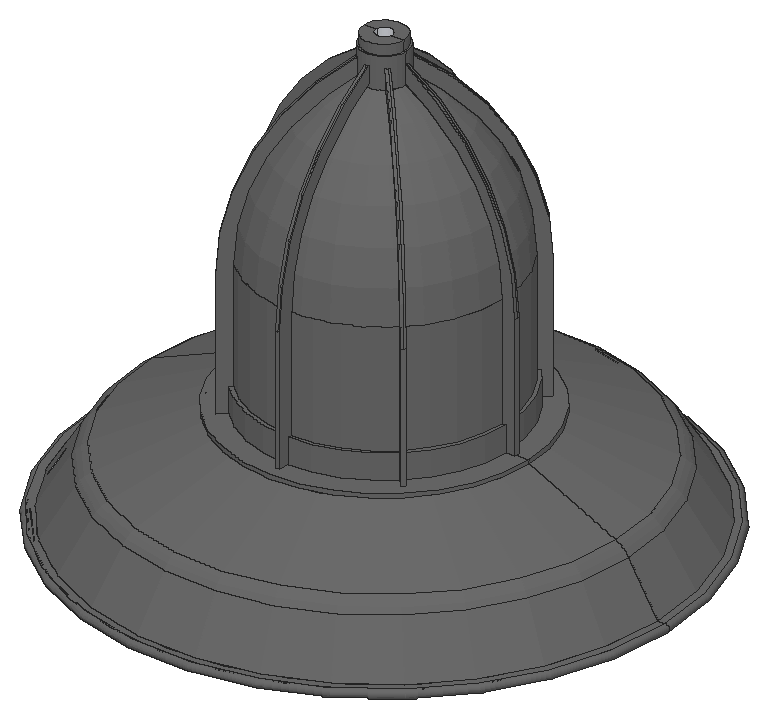
Revit family "URW18 SHADE", category Lighting Fixtures, Revit 2024
Family settings
  Round Connector Dimension = Use Diameter
  Part Type = Normal
  OmniClass Number = 23.80.70.00
  OmniClass Title = Lighting
  Work Plane-Based = No
  Always vertical = Yes
  Cut with Voids When Loaded = No
  Light Source = Yes
  Maintain Annotation Orientation = No
  Shared = No
  Room Calculation Point = No
Parameters
  Wattage = 12.1178 W
  built-in parameter 1150110 = 1 (stored number, unit not read)
  built-in parameter 1114217 = 1 (stored number, unit not read)
  built-in parameter 1150109 = 1 (stored number, unit not read)
  built-in parameter 1150134 = (empty or 0)
  built-in parameter 1150113 = 1 (stored number, unit not read)
  Lumens = 1800 lm
  built-in parameter 1150115 = 1 (stored number, unit not read)
  built-in parameter 1150105 = 572.96 (stored number, unit not read)
  Light Source Symbol Size = 2' - 0"
  built-in parameter 1150137 = (empty or 0)
  built-in parameter 1150139 = (empty or 0)
  built-in parameter 1150112 = 1 (stored number, unit not read)
  built-in parameter 1150114 = 1 (stored number, unit not read)
  built-in parameter 1150132 = 2
  built-in parameter 1150102 = (empty or 0)
  built-in parameter 1150138 = (empty or 0)
  built-in parameter 1150107 = 3000 (stored number, unit not read)
  built-in parameter 1150106 = 5.7296 (stored number, unit not read)
  built-in parameter 1150104 = 13.8 (stored number, unit not read)
  Dimming Lamp Color Temperature Shift = (empty or 0)
  Default Elevation = 0' - 0"
  Color Filter = 16777215
  built-in parameter 1114218 = 1 (stored number, unit not read)
  built-in parameter 1150133 = 10 (stored number, unit not read)
Reference planes (in)
  plane 1 "Light Source Axis (F/B)": y = 0
  plane 2: z = 0
  plane 3 "Light Source Axis (L/R)": x = 0
  plane 4 "Light Source Elevation": z = 54
Forms (in)
  Revolve 1, solid
    sketch origin (0, 0, 0) x (1, 0, 0) y (0, 0, 1)
      loop
        arc (-8.875, 54.25) -> (-8.95155, 54.02618) -> (-8.75397, 54.15625) r 0.125
        line (-8.75397, 54.15625) -> (-8.59663, 54.15625) -> (-7.65021, 55.66364)
        arc (-7.65021, 55.66364) -> (-7.49255, 55.85211) -> (-7.29006, 55.99129) r 0.90625
        arc (-7.29006, 55.99129) -> (-5.89948, 56.63312) -> (-4.46875, 57.17959) r 22.66977
        line (-4.46875, 57.17959) -> (-4.46875, 57.27764) -> (-3.7987, 57.27764) -> (-3.7987, 58.05264) -> (-3.6787, 58.05264) -> (-3.6787, 61.64639)
        arc (-3.6787, 61.64639) -> (-2.82417, 64.58968) -> (-0.5263, 66.61772) r 5.49609
        line (-0.5263, 66.61772) -> (-0.25, 66.61772) -> (-0.25, 67.88172) -> (-0.628, 67.88172) -> (-0.628, 67.58172) -> (-0.6925, 67.58172) -> (-0.6925, 66.64106)
        arc (-0.6925, 66.64106) -> (-2.94056, 64.58037) -> (-3.77245, 61.64639) r 5.58984
        line (-3.77245, 61.64639) -> (-3.77245, 58.14639) -> (-3.89245, 58.14639) -> (-3.89245, 57.37139) -> (-4.5625, 57.37139) -> (-4.5625, 57.24639)
        arc (-4.5625, 57.24639) -> (-5.96671, 56.7065) -> (-7.3322, 56.07504) r 22.76352
        arc (-7.3322, 56.07504) -> (-7.55564, 55.92145) -> (-7.72961, 55.71349) r 1
        line (-7.72961, 55.71349) -> (-8.64846, 54.25) -> (-8.875, 54.25)
      axis (0, 67.88172) -> (0, 54.15625)
    angle from 0 to 360
  Sweep 2, solid
    path origin (0, 0, 0) x (1, 0, 0) y (0, 0, 1)
      loop
        arc (-0.69245, 67.24639) -> (-3.2535, 64.7195) -> (-4.19245, 61.24639) r 6.89286
        line (-4.19245, 61.24639) -> (-4.19245, 57.37139)
    profile origin (-4.19245, 0, 59.30889) x (0, -1, 0) y (1, 0, 0)
      loop
        line (0, 0) -> (0.0625, 0) -> (0.0625, 0.42) -> (-0.0625, 0.42) -> (-0.0625, 0) -> (0, 0)
  Sweep 3, solid
    path origin (0, 0, 0) x (0.707107, -0.707107, 0) y (0, 0, 1)
      loop
        arc (-0.69245, 67.24639) -> (-3.2535, 64.7195) -> (-4.19245, 61.24639) r 6.89286
        line (-4.19245, 61.24639) -> (-4.19245, 57.37139)
    profile origin (-2.96451, 2.96451, 59.30889) x (-0.707107, -0.707107, 0) y (0.707107, -0.707107, 0)
      loop
        line (0, 0) -> (0.0625, 0) -> (0.0625, 0.42) -> (-0.0625, 0.42) -> (-0.0625, 0) -> (0, 0)
  Sweep 4, solid
    path origin (0, 0, 0) x (0.707107, 0.707107, 0) y (0, 0, 1)
      loop
        arc (-0.69245, 67.24639) -> (-3.2535, 64.7195) -> (-4.19245, 61.24639) r 6.89286
        line (-4.19245, 61.24639) -> (-4.19245, 57.37139)
    profile origin (-2.96451, -2.96451, 59.30889) x (0.707107, -0.707107, 0) y (0.707107, 0.707107, 0)
      loop
        line (0, 0) -> (0.0625, 0) -> (0.0625, 0.42) -> (-0.0625, 0.42) -> (-0.0625, 0) -> (0, 0)
  Sweep 5, solid
    path origin (0, 0, 0) x (0, 1, 0) y (0, 0, 1)
      loop
        arc (-0.69245, 67.24639) -> (-3.2535, 64.7195) -> (-4.19245, 61.24639) r 6.89286
        line (-4.19245, 61.24639) -> (-4.19245, 57.37139)
    profile origin (0, -4.19245, 59.30889) x (1, 0, 0) y (0, 1, 0)
      loop
        line (0, 0) -> (0.0625, 0) -> (0.0625, 0.42) -> (-0.0625, 0.42) -> (-0.0625, 0) -> (0, 0)
  Sweep 6, solid
    path origin (0, 0, 0) x (-0.707107, 0.707107, 0) y (0, 0, 1)
      loop
        arc (-0.69245, 67.24639) -> (-3.2535, 64.7195) -> (-4.19245, 61.24639) r 6.89286
        line (-4.19245, 61.24639) -> (-4.19245, 57.37139)
    profile origin (2.96451, -2.96451, 59.30889) x (0.707107, 0.707107, 0) y (-0.707107, 0.707107, 0)
      loop
        line (0, 0) -> (0.0625, 0) -> (0.0625, 0.42) -> (-0.0625, 0.42) -> (-0.0625, 0) -> (0, 0)
  Sweep 7, solid
    path origin (0, 0, 0) x (-1, 0, 0) y (0, 0, 1)
      loop
        arc (-0.69245, 67.24639) -> (-3.2535, 64.7195) -> (-4.19245, 61.24639) r 6.89286
        line (-4.19245, 61.24639) -> (-4.19245, 57.37139)
    profile origin (4.19245, 0, 59.30889) x (0, 1, 0) y (-1, 0, 0)
      loop
        line (0, 0) -> (0.0625, 0) -> (0.0625, 0.42) -> (-0.0625, 0.42) -> (-0.0625, 0) -> (0, 0)
  Sweep 8, solid
    path origin (0, 0, 0) x (-0.707107, -0.707107, 0) y (0, 0, 1)
      loop
        arc (-0.69245, 67.24639) -> (-3.2535, 64.7195) -> (-4.19245, 61.24639) r 6.89286
        line (-4.19245, 61.24639) -> (-4.19245, 57.37139)
    profile origin (2.96451, 2.96451, 59.30889) x (-0.707107, 0.707107, 0) y (-0.707107, -0.707107, 0)
      loop
        line (0, 0) -> (0.0625, 0) -> (0.0625, 0.42) -> (-0.0625, 0.42) -> (-0.0625, 0) -> (0, 0)
  Sweep 9, solid
    path origin (0, 0, 0) x (0, -1, 0) y (0, 0, 1)
      loop
        arc (-0.69245, 67.24639) -> (-3.2535, 64.7195) -> (-4.19245, 61.24639) r 6.89286
        line (-4.19245, 61.24639) -> (-4.19245, 57.37139)
    profile origin (0, 4.19245, 59.30889) x (-1, 0, 0) y (0, -1, 0)
      loop
        line (0, 0) -> (0.0625, 0) -> (0.0625, 0.42) -> (-0.0625, 0.42) -> (-0.0625, 0) -> (0, 0)
Dimensions and locks (in)
  aligned and locked: plane 3 "Light Source Axis (L/R)" to imposter light
  aligned and locked: plane 1 "Light Source Axis (F/B)" to imposter light
  aligned and locked: plane 4 "Light Source Elevation" to imposter light
  aligned and locked: level to plane 2
